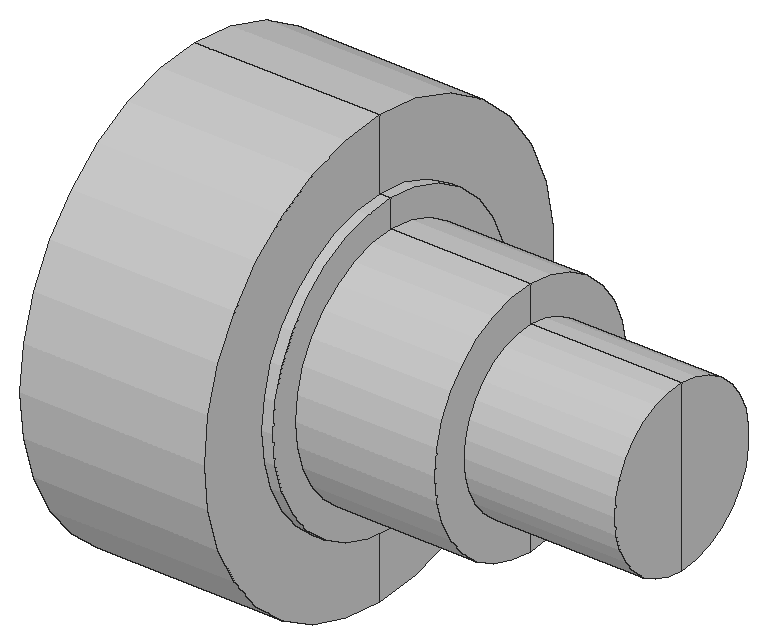
Revit family "6221_Eisenrohranschluß flachdichtend (reduziert)", category Rohrformteile, Revit 2021
Family settings
  Bemaßung runder Anschluss = Durchmesser verwenden
  Teiletyp = Verbindung
  OmniClass-Nummer = 23.65.55.14
  OmniClass-Titel = Valves for Liquid Services
  Arbeitsebenenbasiert = Nein
  Immer vertikal = Ja
  Beim Laden mit Abzugskörper schneiden = Nein
  Gemeinsam genutzt = Nein
Parameters (values of type "G1 x R1/2")
  Vorgabe-Ansicht = 0 mm
  Verschraubung = "Messing CW614N, vernickelt"  # constant formula
  URL = "www.herz-armaturen.at"
  SCRNSEQ = "AWI;AWI_TYP=\"1001\";2"
  SCRNCODE = "07;01;02"  # constant formula
  S02 = 8 mm  # constant formula
  S01 [instance] = L03  # 12 mm
  Nennweite_AG [instance] = D03 * 2  # 15 mm
  Nennweite_IG [instance] = D01 * 2  # 25 mm
  Mutter = "Messing CW614N, vernickelt"  # constant formula
  Medium = "Heizungswasser nach ÖNORM H5195 oder VDI- Richtlinie 2035.\r\nDie Verwendung von Ethylen- oder Propyleneglykol in einem Mischungsverhältnis 25- 50% ist zulässig."
  Max. Betriebtemperatur = 110 °C  # constant formula
  Max. Betriebsdruck = 1000000.0 Pa  # constant formula
  L04 [instance] = 26 mm  # constant formula
  L03 [instance] = 12 mm  # constant formula
  L02 [instance] = 13.5 mm  # constant formula
  L01 [instance] = 16.5 mm  # constant formula
  L00 [instance] = 43.5 mm  # constant formula
  Hersteller = "HERZ Armaturen Ges.m.b.H."  # constant formula
  Flachdichtung = "Klinger SIL- C4400"  # constant formula
  D04 [instance] = 13.2 mm  # constant formula
  Bestellnummer = 1622102  # constant formula
  D03 [instance] = 7.5 mm  # constant formula
  D02 [instance] = 10.7 mm  # constant formula
  D01 [instance] = 12.5 mm  # constant formula
  D00 [instance] = 19.5 mm  # constant formula
  Ausführung = "Eisenrohranschluss flachdichtend, Mutter und Anschlussstück."
Reference planes
  plane 1 "Mitte (Vorne/hinten)": y = 0
  plane 2: z = 0
  plane 3 "Mitte (Links/rechts)": x = 0
Forms (mm)
  Revolve 1, solid, material "Messing, vernickelt", detail levels fine
    sketch origin (0, 0, 0) x (1, 0, 0) y (0, 0, 1)
      loop
        line (0, 12.5) -> (12, 12.5) -> (12, 0) -> (43.5, 0) -> (43.5, 7.5) -> (30, 7.5) -> (30, 10.7) -> (17.5, 10.7) -> (17.5, 13.2) -> (16.5, 13.2) -> (16.5, 19.5) -> (0, 19.5) -> (0, 12.5)
      axis (0, 0) -> (43.5, 0)
    angle from 0 to 360
Lines and regions (mm)
  model lines, detail levels coarse+medium
    curve 1: line (0, 0, 0) -> (43.5, 0, 0)
    curve 2: line (12, 0, 19.5) -> (12, 0, -19.5)
    curve 3: line (12, 0, -19.5) -> (20, 0, -19.5)
    curve 4: line (20, 0, -19.5) -> (12, 0, 0)
    curve 5: line (12, 0, 19.5) -> (20, 0, 19.5)
    curve 6: line (20, 0, 19.5) -> (12, 0, 0)
    curve 7: line (12, 19.5, 0) -> (12, -19.5, 0)
    curve 8: line (12, -19.5, 0) -> (20, -19.5, 0)
    curve 9: line (20, -19.5, 0) -> (12, 0, 0)
    curve 10: line (12, 19.5, 0) -> (20, 19.5, 0)
    curve 11: line (20, 19.5, 0) -> (12, 0, 0)
Dimensions and locks
  "L01": Revolve 1 sketch curve to plane 3 "Mitte (Links/rechts)"
  "L00": Revolve 1 sketch curve to plane 3 "Mitte (Links/rechts)"
  "D00": Revolve 1 sketch curve to plane 2
  "L02": Revolve 1 sketch curve to Revolve 1 sketch curve
  "D01": Revolve 1 sketch curve to plane 2
  "D02": Revolve 1 sketch curve to plane 2
  "D03": Revolve 1 sketch curve to plane 2
  "L03": Revolve 1 sketch curve to plane 3 "Mitte (Links/rechts)"
  "L00": curve 1 to curve 1
  "S01": curve 2 to plane 3 "Mitte (Links/rechts)"
  "S02": curve 2 to curve 6
  "S02": curve 2 to curve 4
  "S01": curve 1 to curve 7
  "S02": curve 7 to curve 11
  "S02": curve 7 to curve 9
  "D00": curve 8 to plane 1 "Mitte (Vorne/hinten)" to curve 10
  "D00": curve 5 to plane 2 to curve 3
  "D04": Revolve 1 sketch curve to plane 2
  "L04": Revolve 1 sketch curve to Revolve 1 sketch curve
  aligned and locked: level to plane 2
Automatic sketch dimensions
  curve 1 to level = 0 mm
  curve 1 to plane 3 "Mitte (Links/rechts)" = 0 mm
  curve 4 to level = 0 mm
  curve 6 to curve 4 = 0 mm
  plane 1 "Mitte (Vorne/hinten)" to curve 9 = 0 mm
  plane 1 "Mitte (Vorne/hinten)" to curve 11 = 0 mm
  Revolve 1 sketch curve to level = 0 mm  (x2)
  Revolve 1 sketch curve to plane 3 "Mitte (Links/rechts)" = 0 mm
  Revolve 1 sketch curve to plane 3 "Mitte (Links/rechts)" = 1506.53 mm
  Revolve 1 sketch curve to Revolve 1 sketch curve = 1792.148 mm
Connectors
  piping at (12, 0, 0), diameter 25, driven by "Nennweite_IG"
    settings: on Revolve 1, index 1, connector inside diameter 609.6 mm, connector length 0 mm, flow factor 0, pipe flow 0.0 L/s, pressure drop 0.0 Pa, fitting loss kfactor 0, connector angle 0.00°, fixture units 0, engagement length 0 mm, angle of deflection 0.00°, flow configuration 0, flow direction 0, fitting loss method 0, system type 29, joint type 0, gender type 0, connector reference index -1, connector utility 0, adjustable connector no, is connector primary yes, connector description ""
  piping at (43.5, 0, 0), diameter 15, driven by "Nennweite_AG"
    settings: on Revolve 1, index 2, connector inside diameter 609.6 mm, connector length 0 mm, flow factor 0, pipe flow 0.0 L/s, pressure drop 0.0 Pa, fitting loss kfactor 0, connector angle 0.00°, fixture units 0, engagement length 0 mm, angle of deflection 0.00°, flow configuration 0, flow direction 0, fitting loss method 0, system type 29, joint type 0, gender type 0, connector reference index -1, connector utility 0, adjustable connector no, is connector primary no, connector description ""
